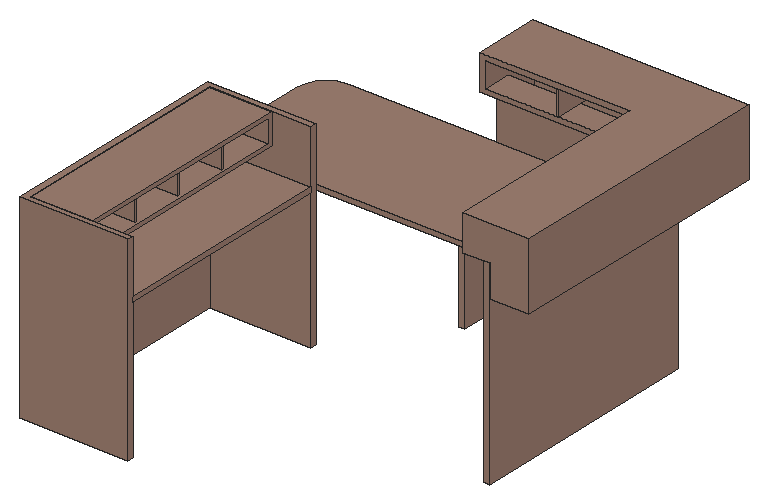
Revit family "T100130", category Furniture, Revit 2022
Family settings
  OmniClass Number = 23.40.20.00
  OmniClass Title = General Furniture and Specialties
  Work Plane-Based = No
  Always vertical = Yes
  Cut with Voids When Loaded = No
  Render Appearance Source = Family Geometry
  Shared = No
  Room Calculation Point = No
Parameters
  Default Elevation = 0' - 0"
Reference planes (in)
  plane 1 "Center Front/Back": y = 0
  plane 2: z = 0
  plane 3 "Center Left/Right": x = 0
Dimensions and locks (in)
  aligned and locked: level to plane 2
Nested families (in)
  nested 1: "OFS ELEMENT OPEN L DESK TRANSACTION BOX 72in Width 48in Return" at (0, 18, 0), type "ELEMENT OPEN L DESK LEFT WITH TRANSACTION BOX 72in Width 48in Return"
    with Right Desk Overlay Option no, Left Desk Overlay Option no, Desk Overlay Option no
Definition of nested family "OFS ELEMENT OPEN L DESK TRANSACTION BOX 72in Width 48in Return"
  Parameters (values of type "ELEMENT OPEN L DESK RIGHT WITH TRANSACTION BOX 72in Width 48in Return")
    Worksurface Material = none
    Worksurface Height = 2' - 5 1/2"
    Width = 6' - 0"
    URL = "http://www.ofsbrands.com/"
    Paper Organizer Material = none
    Table Depth = 1' - 1 1/2"
    Right Return Desk Option = yes
    Right Desk Overlay Option [instance] = and(Right Return Desk Option, Desk Overlay Option)  # yes
    Return Worksurface Width = 1' - 10"
    Paper Organizer Sep = 0' - 0 1/4"
    Paper Organizer Depth = 1' - 0 3/4"
    Paper Organizer Board Thickness = 0' - 0 3/4"
    Paper Organizer Clearance = 0' - 4 5/8"
    Model = "EL-B72RL48C"
    Manufacturer = "OFS"
    Left Return Desk Option = no
    Left Desk Overlay Option [instance] = and(Left Return Desk Option, Desk Overlay Option)  # no
    Lateral Board Thickness = 0' - 1 3/16"
    Height = 3' - 11 3/4"
    Groomet Material = none
    Desk Overlay Thickness = 0' - 0 1/8"
    Desk Overlay Option [instance] = yes
    Desk Overlay Material = none
    Desk Overlay = 0' - 6 1/2"
    Desk Height = 3' - 4 1/2"
    Description = "OFS BRANDS OFS ELEMENT OPEN L DESK RIGHT WITH TRANSACTION BOX,  80\"W x 56\"D DESK WITH OPEN END, 48\"W x 22\"D RETURN"
    Desk Depth = 3' - 2"
    Depth = 7' - 2"
    Default Elevation = 0' - 0"
    Copyright © = "© 2018 OFS BRANDS"
    Catalog = "http://ofs.com/products/casegoods/reception/element"
    Box Material = none
    Box L = 3' - 0"
    Box Depth = 0' - 8"
    Box D = 2' - 6"
    Bottom Board Offset = 0' - 0"
    Chassis Material = none
    Base Depth = 2' - 6"
    Back Board Thickness = 0' - 1 3/16"
    Authoring Version = "Autodesk Revit Architecture 2013"
    Assembly Code = "E2020200"
  Types (3): name | Right Return Desk Option | Right Desk Overlay Option | Model | Left Return Desk Option | Left Desk Overlay Option | Description
    (no name) | yes | yes | "EL-B72RL48C" | no | no | "OFS BRANDS OFS ELEMENT OPEN L DESK RIGHT WITH TRANSACTION BOX,  80\"W x 56\"D DESK WITH OPEN END, 48\"W x 22\"D RETURN"
    ELEMENT OPEN L DESK LEFT WITH TRANSACTION BOX 72in Width 48in Return | no | no | "EL-B72LL48C" | yes | yes | "OFS BRANDS OFS ELEMENT OPEN L DESK LEFT WITH TRANSACTION BOX,  80\"W x 56\"D DESK WITH OPEN END, 48\"W x 22\"D RETURN"
    ELEMENT OPEN L DESK RIGHT WITH TRANSACTION BOX 72in Width 48in Return | yes | yes | "EL-B72RL48C" | no | no | "OFS BRANDS OFS ELEMENT OPEN L DESK RIGHT WITH TRANSACTION BOX,  80\"W x 56\"D DESK WITH OPEN END, 48\"W x 22\"D RETURN"
  Reference planes (in)
    plane 1 "Center Front/Back": y = 0
    plane 2: z = 0
    plane 3 "Center Left/Right": x = 0
    plane 4 "Back External": y = 19
    plane 5 "Right External": x = 36
    plane 6 "Front External": y = -19
    plane 7 "Left External": x = -36
    plane 8 "Seat Height": z = 29.5
    plane 9 "Height": z = 47.75
    plane 10: x = 34.8125
    plane 11: x = -34.8125
    plane 12: y = 11
    plane 13: y = 9.8125
    plane 14: y = 5.5
    plane 15: z = 40.5
    plane 16: z = 28.5
    plane 17: z = 46.625
    plane 18: z = 0
    plane 19: x = 29.5
    plane 20: x = -29.5
    plane 21: z = 6.5
    plane 22: z = 34
    plane 23: y = 11.125
    plane 24: y = -67
    plane 25: x = -14
    plane 26: x = 14
    plane 27: y = -65.8125
    plane 28: x = -31
    plane 29: x = 31
    plane 30: x = 0
    plane 31: x = 44
    plane 32: x = -44
    plane 33: x = -30.5
    plane 34: x = 30.5
    plane 35: x = 0
    plane 36: y = -37
    plane 37: y = -35.8125
    plane 38: x = 42.8125
    plane 39: x = -42.8125
    plane 40: x = 1.1875
    plane 41: x = -1.1875
    plane 42: z = 41.625
    plane 43: y = 17.8125
    plane 44: y = -8.27083
    plane 45: y = -22.04167
    plane 46: x = 15.84375
    plane 47: x = -15.84375
    plane 48: y = -20.1875
    plane 49: y = -65.0625
    plane 50: y = -20.9375
    plane 51: x = -22.0625
    plane 52: x = -22.8125
    plane 53: z = 39.75
    plane 54: z = 34.125
    plane 55: z = 34.875
    plane 56: x = 15.96875
    plane 57: x = 15.71875
    plane 58: x = -15.71875
    plane 59: x = -15.96875
    plane 60: y = -31.96875
    plane 61: y = -43
    plane 62: y = -32.09375
    plane 63: y = -31.84375
    plane 64: y = -43.125
    plane 65: y = -42.875
    plane 66: x = 22.0625
    plane 67: x = 22.8125
    plane 68: y = -54.03125
    plane 69: y = -54.15625
    plane 70: y = -53.90625
    plane 71: x = 6.5
    plane 72: x = -6.5
  Forms (in)
    Extrusion 1, solid, material <- "Worksurface Material", visible <- "Left Return Desk Option"
      sketch origin (0, 0, 0) x (1, 0, 0) y (0, 1, 0)
        loop
          arc (-30, 9.8125) -> (-34.24264, 8.05514) -> (-36, 3.8125) r 6
          line (-36, 3.8125) -> (-36, -19) -> (34.8125, -19) -> (34.8125, 9.8125) -> (-30, 9.8125)
      from 28.5 to 29.5
    Extrusion 2, solid, material <- "Box Material", visible <- "Left Return Desk Option"
      sketch origin (0, 0, 0) x (1, 0, 0) y (0, 1, 0)
        loop
          line (0, 9.8125) -> (34.8125, 9.8125) -> (34.8125, -37) -> (36, -37) -> (36, 11) -> (0, 11) -> (0, 9.8125)
      from 0 to 40.5
    Extrusion 3, solid, material <- "Box Material", visible <- "Left Return Desk Option"
      sketch origin (0, 0, 6) x (1, 0, 0) y (0, 1, 0)
        loop
          line (0, 19) -> (0, 5.5) -> (30.5, 5.5) -> (30.5, -37) -> (44, -37) -> (44, 19) -> (0, 19)
      from 40.625 to 41.75
    Extrusion 4, solid, material <- "Desk Overlay Material", visible <- "Right Desk Overlay Option"
      sketch origin (0, 0, 0) x (1, 0, 0) y (0, 0, 1)
        loop
          line (-6.5, 34) -> (-29.5, 34) -> (-29.5, 6.5) -> (-6.5, 6.5) -> (-6.5, 34)
      from -11.125 to -11
    Extrusion 5, solid, material <- "Box Material", visible <- "Left Return Desk Option"
      sketch origin (0, 0, 0) x (1, 0, 0) y (0, 1, 0)
        loop
          line (-36, -19) -> (-36, -67) -> (-14, -67) -> (-14, -65.8125) -> (-34.8125, -65.8125) -> (-34.8125, -19) -> (-36, -19)
      from 0 to 40.5
    Extrusion 6, solid, material <- "Worksurface Material", visible <- "Left Return Desk Option"
      sketch origin (14.83926, -32.43958, 0) x (1, 0, 0) y (0, 1, 0)
        loop
          line (-49.65176, 12.25208) -> (-49.65176, -33.37292) -> (-28.83926, -33.37292) -> (-28.83926, 12.25208) -> (-49.65176, 12.25208)
      from 28.5 to 29.5
    Extrusion 7, solid, material <- "Box Material", visible <- "Right Return Desk Option"
      sketch origin (0, 0, 0) x (-1, 0, 0) y (0, -1, 0)
        loop
          line (-36, 19) -> (-34.8125, 19) -> (-34.8125, 65.8125) -> (-14, 65.8125) -> (-14, 67) -> (-36, 67) -> (-36, 19)
      from 0 to 40.5
    Extrusion 8, solid, material <- "Worksurface Material", visible <- "Right Return Desk Option"
      sketch origin (-14.83926, -32.43958, 0) x (-1, 0, 0) y (0, -1, 0)
        loop
          line (-49.65176, -12.25208) -> (-28.83926, -12.25208) -> (-28.83926, 33.37292) -> (-49.65176, 33.37292) -> (-49.65176, -12.25208)
      from 28.5 to 29.5
    Extrusion 9, solid, material <- "Box Material", visible <- "Right Return Desk Option"
      sketch origin (0, 0, 6) x (-1, 0, 0) y (0, -1, 0)
        loop
          line (0, -19) -> (44, -19) -> (44, 37) -> (30.5, 37) -> (30.5, -5.5) -> (0, -5.5) -> (0, -19)
      from 40.625 to 41.75
    Extrusion 10, solid, material <- "Box Material", visible <- "Right Return Desk Option"
      sketch origin (22, -38, 6) x (-1, 0, 0) y (0, -1, 0)
        loop
          line (22, -49) -> (58, -49) -> (58, -1) -> (52.5, -1) -> (52.5, -43.5) -> (22, -43.5) -> (22, -49)
      from 34.5 to 35.625
    Extrusion 11, solid, material <- "Box Material", visible <- "Left Return Desk Option"
      sketch origin (-22, -38, 6) x (1, 0, 0) y (0, 1, 0)
        loop
          line (22, 49) -> (22, 43.5) -> (52.5, 43.5) -> (52.5, 1) -> (58, 1) -> (58, 49) -> (22, 49)
      from 34.5 to 35.625
    Extrusion 12, solid, material <- "Box Material", visible <- "Left Return Desk Option"
      sketch origin (0, 0, 0) x (1, 0, 0) y (0, 1, 0)
        loop
          line (0, 19) -> (0, 17.8125) -> (42.8125, 17.8125) -> (42.8125, -37) -> (44, -37) -> (44, 19) -> (0, 19)
      from 34 to 47.75
    Extrusion 13, solid, material <- "Box Material", visible <- "Right Return Desk Option"
      sketch origin (0, 0, 0) x (-1, 0, 0) y (0, -1, 0)
        loop
          line (0, -19) -> (44, -19) -> (44, 37) -> (42.8125, 37) -> (42.8125, -17.8125) -> (0, -17.8125) -> (0, -19)
      from 34 to 47.75
    Extrusion 14, solid, material <- "Box Material", visible <- "Right Return Desk Option"
      sketch origin (0, 0, 0) x (1, 0, 0) y (0, 0, 1)
        loop
          line (-42.8125, 46.625) -> (-42.8125, 34) -> (-36, 34) -> (-36, 41.625) -> (-30.5, 41.625) -> (-30.5, 46.625) -> (-42.8125, 46.625)
      from 35.8125 to 37
    Extrusion 15, solid, material <- "Box Material", visible <- "Left Return Desk Option"
      sketch origin (0, 0, 0) x (-1, 0, 0) y (0, 0, -1)
        loop
          line (-42.8125, -46.625) -> (-30.5, -46.625) -> (-30.5, -41.625) -> (-36, -41.625) -> (-36, -34) -> (-42.8125, -34) -> (-42.8125, -46.625)
      from 35.8125 to 37
    Extrusion 16, solid, material <- "Box Material", visible <- "Left Return Desk Option"
      sketch origin (0, 5.66667, 0) x (1, 0, 0) y (0, 1, 0)
        loop
          line (30.5, -13.8125) -> (30.5, -14.0625) -> (42.8125, -14.0625) -> (42.8125, -13.8125) -> (30.5, -13.8125)
      from 41.625 to 46.625
    Extrusion 17, solid, material <- "Box Material", visible <- "Left Return Desk Option"
      sketch origin (0, -6.66667, 0) x (1, 0, 0) y (0, 1, 0)
        loop
          line (30.5, -15.25) -> (30.5, -15.5) -> (42.8125, -15.5) -> (42.8125, -15.25) -> (30.5, -15.25)
      from 41.625 to 46.625
    Extrusion 18, solid, material <- "Box Material", visible <- "Right Return Desk Option"
      sketch origin (0, 5.66667, 0) x (-1, 0, 0) y (0, -1, 0)
        loop
          line (30.5, 13.8125) -> (42.8125, 13.8125) -> (42.8125, 14.0625) -> (30.5, 14.0625) -> (30.5, 13.8125)
      from 41.625 to 46.625
    Extrusion 19, solid, material <- "Box Material", visible <- "Right Return Desk Option"
      sketch origin (0, -6.66667, 0) x (-1, 0, 0) y (0, -1, 0)
        loop
          line (30.5, 15.25) -> (42.8125, 15.25) -> (42.8125, 15.5) -> (30.5, 15.5) -> (30.5, 15.25)
      from 41.625 to 46.625
    Extrusion 20, solid, material <- "Box Material", visible <- "Left Return Desk Option"
      sketch origin (-14.60586, -1.66375, 0) x (1, 0, 0) y (0, 1, 0)
        loop
          line (30.32461, 19.47625) -> (30.32461, 7.16375) -> (30.57461, 7.16375) -> (30.57461, 19.47625) -> (30.32461, 19.47625)
      from 41.625 to 46.625
    Extrusion 21, solid, material <- "Box Material", visible <- "Right Return Desk Option"
      sketch origin (14.60586, -1.66375, 0) x (-1, 0, 0) y (0, -1, 0)
        loop
          line (30.32461, -19.47625) -> (30.57461, -19.47625) -> (30.57461, -7.16375) -> (30.32461, -7.16375) -> (30.32461, -19.47625)
      from 41.625 to 46.625
    Extrusion 22, solid, material <- "Box Material", visible <- "Left Return Desk Option"
      sketch origin (-3.41497, -1.91375, 0) x (-1, 0, 0) y (0, -1, 0)
        loop
          line (-4.60247, -19.72625) -> (-3.41497, -19.72625) -> (-3.41497, -7.41375) -> (-4.60247, -7.41375) -> (-4.60247, -19.72625)
      from 41.625 to 46.625
    Extrusion 23, solid, material <- "Box Material", visible <- "Right Return Desk Option"
      sketch origin (2.66497, -1.91375, 0) x (1, 0, 0) y (0, 1, 0)
        loop
          line (-3.85247, 19.72625) -> (-3.85247, 7.41375) -> (-2.66497, 7.41375) -> (-2.66497, 19.72625) -> (-3.85247, 19.72625)
      from 41.625 to 46.625
    Extrusion 24, solid, material <- "Box Material", visible <- "Left Return Desk Option"
      sketch origin (-3.41497, -1.91375, 0) x (-1, 0, 0) y (0, -1, 0)
        loop
          line (-4.60247, -19.72625) -> (-3.41497, -19.72625) -> (-3.41497, -12.91375) -> (-4.60247, -12.91375) -> (-4.60247, -19.72625)
      from 34 to 41.625
    Extrusion 25, solid, material <- "Box Material", visible <- "Right Return Desk Option"
      sketch origin (38.58503, -1.91375, 0) x (-1, 0, 0) y (0, -1, 0)
        loop
          line (38.58503, -19.72625) -> (39.77253, -19.72625) -> (39.77253, -12.91375) -> (38.58503, -12.91375) -> (38.58503, -19.72625)
      from 34 to 41.625
    Extrusion 26, solid, material <- "Box Material", visible <- "Left Return Desk Option"
      sketch origin (15.51391, 27.98783, 0) x (1, 0, 0) y (0, 1, 0)
        loop
          line (-51.51391, -48.17533) -> (-29.51391, -48.17533) -> (-29.51391, -46.98783) -> (-51.51391, -46.98783) -> (-51.51391, -48.17533)
      from 0 to 40.5
    Extrusion 27, solid, material <- "Box Material", visible <- "Right Return Desk Option"
      sketch origin (-15.51391, 27.98783, 0) x (-1, 0, 0) y (0, -1, 0)
        loop
          line (-51.51391, 48.17533) -> (-51.51391, 46.98783) -> (-29.51391, 46.98783) -> (-29.51391, 48.17533) -> (-51.51391, 48.17533)
      from 0 to 40.5
    Extrusion 28, solid, material <- "Box Material", visible <- "Right Return Desk Option"
      sketch origin (0, 0, 0) x (-1, 0, 0) y (0, -1, 0)
        loop
          line (0, -9.8125) -> (0, -11) -> (36, -11) -> (36, 37) -> (34.8125, 37) -> (34.8125, -9.8125) -> (0, -9.8125)
      from 0 to 40.5
    Extrusion 29, solid, material <- "Paper Organizer Material", visible <- "Left Return Desk Option"
      sketch origin (13.23993, -17.56998, 6) x (-1, 0, 0) y (0, -1, 0)
        loop
          line (35.30243, 2.61752) -> (48.05243, 2.61752) -> (48.05243, 48.24252) -> (35.30243, 48.24252) -> (35.30243, 2.61752)
      from 33.75 to 34.5
    Extrusion 30, solid, material <- "Paper Organizer Material", visible <- "Left Return Desk Option"
      sketch origin (13.23993, -17.56998, 6) x (-1, 0, 0) y (0, -1, 0)
        loop
          line (35.30243, 2.61752) -> (48.05243, 2.61752) -> (48.05243, 48.24252) -> (35.30243, 48.24252) -> (35.30243, 2.61752)
      from 28.125 to 28.875
    Extrusion 31, solid, material <- "Paper Organizer Material", visible <- "Left Return Desk Option"
      sketch origin (15.51391, 25.48783, 0) x (1, 0, 0) y (0, 1, 0)
        loop
          line (-50.32641, -46.42533) -> (-37.57641, -46.42533) -> (-37.57641, -45.67533) -> (-50.32641, -45.67533) -> (-50.32641, -46.42533)
      from 34.125 to 40.5
    Extrusion 32, solid, material <- "Paper Organizer Material", visible <- "Left Return Desk Option"
      sketch origin (15.51391, -78.72726, 0) x (1, 0, 0) y (0, 1, 0)
        loop
          line (-50.32641, 13.66476) -> (-50.32641, 12.91476) -> (-37.57641, 12.91476) -> (-37.57641, 13.66476) -> (-50.32641, 13.66476)
      from 34.125 to 40.5
    Extrusion 33, solid, material <- "Paper Organizer Material", visible <- "Left Return Desk Option"
      sketch origin (14.05948, -19.6973, 0) x (-1, 0, 0) y (0, -1, 0)
        loop
          line (36.87198, 12.14645) -> (48.87198, 12.14645) -> (48.87198, 12.39645) -> (36.87198, 12.39645) -> (36.87198, 12.14645)
      from 34.875 to 39.75
    Extrusion 34, solid, material <- "Paper Organizer Material", visible <- "Left Return Desk Option"
      sketch origin (16.30148, -31.23142, 0) x (-1, 0, 0) y (0, -1, 0)
        loop
          line (39.11398, 11.64358) -> (51.11398, 11.64358) -> (51.11398, 11.89358) -> (39.11398, 11.89358) -> (39.11398, 11.64358)
      from 34.875 to 39.75
    Extrusion 35, solid, material <- "Paper Organizer Material", visible <- "Right Return Desk Option"
      sketch origin (-14.05948, -19.6973, 0) x (1, 0, 0) y (0, 1, 0)
        loop
          line (36.87198, -12.14645) -> (36.87198, -12.39645) -> (48.87198, -12.39645) -> (48.87198, -12.14645) -> (36.87198, -12.14645)
      from 34.875 to 39.75
    Extrusion 36, solid, material <- "Paper Organizer Material", visible <- "Right Return Desk Option"
      sketch origin (-16.30148, -31.23142, 0) x (1, 0, 0) y (0, 1, 0)
        loop
          line (39.11398, -11.64358) -> (39.11398, -11.89358) -> (51.11398, -11.89358) -> (51.11398, -11.64358) -> (39.11398, -11.64358)
      from 34.875 to 39.75
    Extrusion 37, solid, material <- "Paper Organizer Material", visible <- "Right Return Desk Option"
      sketch origin (-13.23993, -17.56998, 6) x (1, 0, 0) y (0, 1, 0)
        loop
          line (35.30243, -2.61752) -> (35.30243, -48.24252) -> (48.05243, -48.24252) -> (48.05243, -2.61752) -> (35.30243, -2.61752)
      from 33.75 to 34.5
    Extrusion 38, solid, material <- "Paper Organizer Material", visible <- "Right Return Desk Option"
      sketch origin (-13.23993, -17.56998, 6) x (1, 0, 0) y (0, 1, 0)
        loop
          line (35.30243, -2.61752) -> (35.30243, -48.24252) -> (48.05243, -48.24252) -> (48.05243, -2.61752) -> (35.30243, -2.61752)
      from 28.125 to 28.875
    Extrusion 39, solid, material <- "Paper Organizer Material", visible <- "Right Return Desk Option"
      sketch origin (-15.51391, 25.48783, 0) x (-1, 0, 0) y (0, -1, 0)
        loop
          line (-50.32641, 46.42533) -> (-50.32641, 45.67533) -> (-37.57641, 45.67533) -> (-37.57641, 46.42533) -> (-50.32641, 46.42533)
      from 34.125 to 40.5
    Extrusion 40, solid, material <- "Paper Organizer Material", visible <- "Right Return Desk Option"
      sketch origin (-15.51391, -78.72726, 0) x (-1, 0, 0) y (0, -1, 0)
        loop
          line (-50.32641, -13.66476) -> (-37.57641, -13.66476) -> (-37.57641, -12.91476) -> (-50.32641, -12.91476) -> (-50.32641, -13.66476)
      from 34.125 to 40.5
    Extrusion 41, solid, material <- "Paper Organizer Material", visible <- "Left Return Desk Option"
      sketch origin (16.85954, -39.21194, 0) x (-1, 0, 0) y (0, -1, 0)
        loop
          line (39.67204, 14.69431) -> (51.67204, 14.69431) -> (51.67204, 14.94431) -> (39.67204, 14.94431) -> (39.67204, 14.69431)
      from 34.875 to 39.75
    Extrusion 42, solid, material <- "Paper Organizer Material", visible <- "Right Return Desk Option"
      sketch origin (-13.83676, -35.8669, 0) x (1, 0, 0) y (0, 1, 0)
        loop
          line (36.64926, -18.03935) -> (36.64926, -18.28935) -> (48.64926, -18.28935) -> (48.64926, -18.03935) -> (36.64926, -18.03935)
      from 34.875 to 39.75
    Extrusion 43, solid, material <- "Worksurface Material", visible <- "Right Return Desk Option"
      sketch origin (0, 0, 0) x (-1, 0, 0) y (0, -1, 0)
        loop
          line (-30, -9.8125) -> (34.8125, -9.8125) -> (34.8125, 19) -> (-36, 19) -> (-36, -3.8125)
          arc (-36, -3.8125) -> (-34.24264, -8.05514) -> (-30, -9.8125) r 6
      from 28.5 to 29.5
    Extrusion 44, solid, material <- "Box Material", visible <- "Left Return Desk Option"
      sketch origin (-3.41497, -1.91375, 0) x (-1, 0, 0) y (0, -1, 0)
        loop
          line (-4.60247, -11.72625) -> (-3.41497, -11.72625) -> (-3.41497, -1.91375) -> (-4.60247, -1.91375) -> (-4.60247, -11.72625)
      from 0 to 28.5
    Extrusion 45, solid, material <- "Box Material", visible <- "Right Return Desk Option"
      sketch origin (3.41497, -1.91375, 0) x (1, 0, 0) y (0, 1, 0)
        loop
          line (-4.60247, 11.72625) -> (-4.60247, 1.91375) -> (-3.41497, 1.91375) -> (-3.41497, 11.72625) -> (-4.60247, 11.72625)
      from 0 to 28.5
    Extrusion 46, solid, material <- "Desk Overlay Material", visible <- "Left Desk Overlay Option"
      sketch origin (0, 0, 0) x (-1, 0, 0) y (0, 0, -1)
        loop
          line (-6.5, -34) -> (-6.5, -6.5) -> (-29.5, -6.5) -> (-29.5, -34) -> (-6.5, -34)
      from -11.125 to -11
  Cuts and joins
    joined: Extrusion 9, Extrusion 10, Extrusion 13, Extrusion 14, Extrusion 23, Extrusion 25
    joined: Extrusion 3, Extrusion 11, Extrusion 12, Extrusion 15, Extrusion 22, Extrusion 24
    joined: Extrusion 5, Extrusion 26
    joined: Extrusion 7, Extrusion 27
    joined: Extrusion 29, Extrusion 30, Extrusion 31, Extrusion 32
    joined: Extrusion 37, Extrusion 38, Extrusion 39, Extrusion 40
  Dimensions and locks (in)
    equal spacing: plane 7 "Left External", plane 3 "Center Left/Right", plane 5 "Right External"
    "Width": plane 7 "Left External" to plane 5 "Right External"
    equal spacing: plane 6 "Front External", plane 1 "Center Front/Back", plane 4 "Back External"
    "Desk Depth": plane 4 "Back External" to plane 6 "Front External"
    "Worksurface Height": plane 8 "Seat Height" to level
    "Height": plane 9 "Height" to level
    "Lateral Board Thickness": plane 7 "Left External" to plane 11
    "Lateral Board Thickness": plane 10 to plane 5 "Right External"
    "Base Depth": plane 12 to plane 6 "Front External"
    "Back Board Thickness": plane 12 to plane 13
    "Table Depth": plane 4 "Back External" to plane 14
    "Desk Height": plane 15 to level
    "Bottom Board Offset": plane 18 to level
    "Desk Overlay": plane 5 "Right External" to plane 19
    "Desk Overlay": plane 20 to plane 7 "Left External"
    plane 20 to plane 19 = 4' - 11"
    "Desk Overlay": plane 22 to plane 15
    "Desk Overlay": plane 18 to plane 21
    "Desk Overlay Thickness": plane 23 to plane 12
    "Depth": plane 4 "Back External" to plane 24
    "Return Worksurface Width": plane 7 "Left External" to plane 25
    "Return Worksurface Width": plane 26 to plane 5 "Right External"
    "Back Board Thickness": plane 27 to plane 24
    locked: plane 7 "Left External" to plane 28 at 5
    locked: plane 29 to plane 5 "Right External" at 5
    locked: plane 9 "Height" to plane 17 at 1.125
    locked: plane 8 "Seat Height" to plane 16 at 1
    "Box Depth": plane 5 "Right External" to plane 31
    "Box Depth": plane 7 "Left External" to plane 32
    "Table Depth": plane 32 to plane 33
    "Table Depth": plane 31 to plane 34
    "Box L": plane 7 "Left External" to plane 30
    "Box L": plane 5 "Right External" to plane 35
    "Box D": plane 36 to plane 24
    "Back Board Thickness": plane 37 to plane 36
    "Back Board Thickness": plane 38 to plane 31
    "Back Board Thickness": plane 39 to plane 32
    "Back Board Thickness": plane 30 to plane 40
    "Back Board Thickness": plane 41 to plane 35
    locked: plane 42 to plane 15 at 1.125
    "Back Board Thickness": plane 4 "Back External" to plane 43
    equal spacing: plane 14, plane 44, plane 45, plane 37
    equal spacing: plane 40, plane 46, plane 34
    equal spacing: plane 41, plane 47, plane 33
    "Back Board Thickness": plane 6 "Front External" to plane 48
    "Paper Organizer Board Thickness": plane 49 to plane 27
    "Paper Organizer Board Thickness": plane 48 to plane 50
    "Paper Organizer Depth": plane 11 to plane 51
    "Paper Organizer Board Thickness": plane 52 to plane 51
    "Paper Organizer Board Thickness": plane 15 to plane 53
    "Paper Organizer Clearance": plane 54 to plane 8 "Seat Height"
    "Paper Organizer Board Thickness": plane 55 to plane 54
    equal spacing: plane 57, plane 46, plane 56
    "Paper Organizer Sep": plane 57 to plane 56
    equal spacing: plane 59, plane 47, plane 58
    "Paper Organizer Sep": plane 59 to plane 58
    equal spacing: plane 50, plane 60, plane 61, plane 68, plane 49
    equal spacing: plane 63, plane 60, plane 62
    "Paper Organizer Sep": plane 62 to plane 63
    equal spacing: plane 65, plane 61, plane 64
    "Paper Organizer Sep": plane 64 to plane 65
    "Paper Organizer Board Thickness": plane 67 to plane 66
    "Paper Organizer Depth": plane 66 to plane 10
    equal spacing: plane 70, plane 68, plane 69
    "Paper Organizer Sep": plane 69 to plane 70
    "Desk Overlay": plane 30 to plane 71
    "Desk Overlay": plane 72 to plane 35
    aligned and locked: level to plane 2
    aligned and locked: Extrusion 1 sketch curve to plane 13
    aligned and locked: plane 6 "Front External" to Extrusion 1 sketch curve
    aligned and locked: Extrusion 1 sketch curve to plane 10
    aligned and locked: plane 12 to Extrusion 2 sketch curve
    aligned and locked: plane 5 "Right External" to Extrusion 2 sketch curve
    aligned and locked: Extrusion 2 sketch curve to plane 13
    aligned and locked: Extrusion 3 to plane 14
    aligned and locked: Extrusion 3 to plane 4 "Back External"
    aligned and locked: Extrusion 3 to plane 9 "Height"
    aligned and locked: Extrusion 3 to plane 17
    aligned and locked: plane 22 to Extrusion 4 sketch curve
    aligned and locked: Extrusion 4 sketch curve to plane 21
    aligned and locked: Extrusion 4 sketch curve to plane 20
    aligned and locked: Extrusion 5 sketch curve to plane 27
    aligned and locked: plane 25 to Extrusion 5 sketch curve
    aligned and locked: plane 24 to Extrusion 5 sketch curve
    aligned and locked: Extrusion 5 sketch curve to plane 6 "Front External"
    aligned and locked: plane 11 to Extrusion 6
    aligned and locked: Extrusion 6 to plane 25
    aligned and locked: Extrusion 6 to plane 27
    aligned and locked: Extrusion 8 to plane 26
    aligned and locked: plane 10 to Extrusion 8
    aligned and locked: Extrusion 8 to plane 27
    aligned and locked: plane 6 "Front External" to Extrusion 7
    aligned and locked: Extrusion 7 to plane 10
    aligned and locked: plane 5 "Right External" to Extrusion 7
    aligned and locked: plane 27 to Extrusion 7
    aligned and locked: Extrusion 7 to plane 24
    aligned and locked: Extrusion 5 to plane 18
    aligned and locked: Extrusion 7 to plane 18
    aligned and locked: plane 15 to Extrusion 7
    aligned and locked: plane 15 to Extrusion 5
    aligned and locked: plane 31 to Extrusion 3 sketch curve
    aligned and locked: plane 34 to Extrusion 3 sketch curve
    aligned and locked: plane 36 to Extrusion 3 sketch curve
    aligned and locked: Extrusion 3 sketch curve to plane 30
    aligned and locked: plane 9 "Height" to Extrusion 9
    aligned and locked: Extrusion 9 to plane 17
    aligned and locked: Extrusion 6 to plane 16
    aligned and locked: plane 8 "Seat Height" to Extrusion 6
    aligned and locked: Extrusion 8 to plane 16
    aligned and locked: plane 8 "Seat Height" to Extrusion 8
    aligned and locked: Extrusion 10 to plane 7 "Left External"
    aligned and locked: Extrusion 10 to plane 33
    aligned and locked: Extrusion 10 to plane 14
    aligned and locked: Extrusion 10 to plane 35
    aligned and locked: Extrusion 10 to plane 36
    aligned and locked: Extrusion 10 to plane 15
    aligned and locked: plane 42 to Extrusion 10
    aligned and locked: Extrusion 11 to plane 15
    aligned and locked: plane 42 to Extrusion 11
    aligned and locked: plane 36 to Extrusion 12 sketch curve
    aligned and locked: plane 31 to Extrusion 12 sketch curve
    aligned and locked: Extrusion 12 sketch curve to plane 38
    aligned and locked: plane 9 "Height" to Extrusion 13
    aligned and locked: Extrusion 13 to plane 35
    aligned and locked: Extrusion 12 to plane 30
    aligned and locked: plane 39 to Extrusion 14 sketch curve
    aligned and locked: Extrusion 14 sketch curve to plane 17
    aligned and locked: plane 42 to Extrusion 14 sketch curve
    aligned and locked: Extrusion 14 sketch curve to plane 7 "Left External"
    aligned and locked: Extrusion 14 to plane 33
    aligned and locked: plane 37 to Extrusion 14
    aligned and locked: Extrusion 14 to plane 36
    aligned and locked: Extrusion 15 to plane 36
    aligned and locked: plane 37 to Extrusion 15
    aligned and locked: Extrusion 12 to plane 9 "Height"
    aligned and locked: plane 22 to Extrusion 15
    aligned and locked: Extrusion 12 to plane 22
    aligned and locked: Extrusion 14 to plane 22
    aligned and locked: Extrusion 13 to plane 22
    aligned and locked: Extrusion 16 to plane 34
    aligned and locked: Extrusion 17 to plane 34
    aligned and locked: Extrusion 17 to plane 17
    aligned and locked: Extrusion 16 to plane 17
    aligned and locked: Extrusion 17 to plane 42
    aligned and locked: Extrusion 16 to plane 42
    aligned and locked: Extrusion 17 to plane 38
    aligned and locked: Extrusion 16 to plane 38
    aligned and locked: Extrusion 9 to plane 36
    aligned and locked: Extrusion 13 to plane 36
    aligned and locked: Extrusion 11 to plane 36
    aligned and locked: plane 5 "Right External" to Extrusion 11
    aligned and locked: Extrusion 11 to plane 30
    aligned and locked: Extrusion 9 to plane 35
    aligned and locked: Extrusion 13 to plane 43
    aligned and locked: Extrusion 12 to plane 43
    aligned and locked: plane 17 to Extrusion 19
    aligned and locked: plane 17 to Extrusion 18
    aligned and locked: Extrusion 19 to plane 42
    aligned and locked: Extrusion 18 to plane 42
    aligned and locked: Extrusion 19 to plane 39
    aligned and locked: Extrusion 19 to plane 33
    aligned and locked: Extrusion 18 to plane 39
    aligned and locked: Extrusion 18 to plane 33
    aligned and locked: plane 12 to Extrusion 11
    aligned and locked: plane 12 to Extrusion 10
    aligned and locked: Extrusion 21 to plane 14
    aligned and locked: Extrusion 20 to plane 14
    aligned and locked: plane 43 to Extrusion 20
    aligned and locked: plane 43 to Extrusion 21
    aligned and locked: plane 17 to Extrusion 20
    aligned and locked: plane 17 to Extrusion 21
    aligned and locked: Extrusion 20 to plane 42
    aligned and locked: Extrusion 21 to plane 42
    aligned and locked: Extrusion 22 to plane 30
    aligned and locked: plane 40 to Extrusion 22
    aligned and locked: Extrusion 23 to plane 35
    aligned and locked: plane 41 to Extrusion 23
    aligned and locked: plane 43 to Extrusion 22
    aligned and locked: plane 43 to Extrusion 23
    aligned and locked: Extrusion 22 to plane 14
    aligned and locked: Extrusion 23 to plane 14
    aligned and locked: plane 17 to Extrusion 22
    aligned and locked: plane 17 to Extrusion 23
    aligned and locked: Extrusion 22 to plane 42
    aligned and locked: Extrusion 23 to plane 42
    aligned and locked: Extrusion 24 to plane 22
    aligned and locked: Extrusion 24 to plane 12
    aligned and locked: plane 43 to Extrusion 24
    aligned and locked: Extrusion 24 to plane 30
    aligned and locked: plane 42 to Extrusion 24
    aligned and locked: Extrusion 25 to plane 35
    aligned and locked: plane 41 to Extrusion 25
    aligned and locked: plane 42 to Extrusion 25
    aligned and locked: Extrusion 25 to plane 22
    aligned and locked: plane 43 to Extrusion 25
    aligned and locked: Extrusion 25 to plane 12
    aligned and locked: plane 48 to Extrusion 6
    aligned and locked: plane 48 to Extrusion 8
    aligned and locked: Extrusion 26 sketch curve to plane 6 "Front External"
    aligned and locked: plane 48 to Extrusion 26 sketch curve
    aligned and locked: plane 7 "Left External" to Extrusion 26 sketch curve
    aligned and locked: Extrusion 26 sketch curve to plane 25
    aligned and locked: plane 30 to Extrusion 2 sketch curve
    aligned and locked: Extrusion 2 to plane 36
    aligned and locked: Extrusion 28 to plane 36
    aligned and locked: plane 11 to Extrusion 29 sketch curve
    aligned and locked: Extrusion 29 sketch curve to plane 27
    aligned and locked: Extrusion 29 sketch curve to plane 51
    aligned and locked: plane 48 to Extrusion 29 sketch curve
    aligned and locked: Extrusion 29 to plane 53
    aligned and locked: plane 15 to Extrusion 29
    aligned and locked: plane 55 to Extrusion 30
    aligned and locked: Extrusion 30 to plane 54
    aligned and locked: plane 48 to Extrusion 31
    aligned and locked: Extrusion 31 to plane 50
    aligned and locked: Extrusion 31 to plane 51
    aligned and locked: Extrusion 32 to plane 51
    aligned and locked: Extrusion 32 to plane 27
    aligned and locked: plane 49 to Extrusion 32
    aligned and locked: Extrusion 32 to plane 54
    aligned and locked: Extrusion 31 to plane 54
    aligned and locked: plane 15 to Extrusion 32
    aligned and locked: plane 15 to Extrusion 31
    aligned and locked: plane 11 to Extrusion 32
    aligned and locked: plane 11 to Extrusion 31
    aligned and locked: Extrusion 20 to plane 56
    aligned and locked: plane 57 to Extrusion 20
    aligned and locked: Extrusion 21 to plane 58
    aligned and locked: Extrusion 21 to plane 59
    aligned and locked: plane 11 to Extrusion 33
    aligned and locked: Extrusion 33 to plane 52
    aligned and locked: Extrusion 33 to plane 62
    aligned and locked: Extrusion 33 to plane 63
    aligned and locked: plane 53 to Extrusion 33
    aligned and locked: plane 11 to Extrusion 34
    aligned and locked: Extrusion 34 to plane 52
    aligned and locked: Extrusion 34 to plane 64
    aligned and locked: Extrusion 34 to plane 65
    aligned and locked: plane 11 to Extrusion 41
    aligned and locked: Extrusion 41 to plane 52
    aligned and locked: Extrusion 41 to plane 69
    aligned and locked: Extrusion 41 to plane 70
    aligned and locked: Extrusion 42 to plane 69
    aligned and locked: Extrusion 42 to plane 70
    aligned and locked: Extrusion 42 to plane 67
    aligned and locked: plane 10 to Extrusion 42
    aligned and locked: Extrusion 1 to plane 7 "Left External"
    aligned and locked: plane 40 to Extrusion 44
    aligned and locked: Extrusion 44 to plane 30
    aligned and locked: plane 1 "Center Front/Back" to Extrusion 44
    aligned and locked: plane 13 to Extrusion 44
    aligned and locked: Extrusion 45 to plane 35
    aligned and locked: plane 41 to Extrusion 45
    aligned and locked: plane 1 "Center Front/Back" to Extrusion 45
    aligned and locked: plane 13 to Extrusion 45
    aligned and locked: plane 16 to Extrusion 44
    aligned and locked: plane 16 to Extrusion 45
    aligned and locked: Extrusion 44 to plane 18
    aligned and locked: Extrusion 45 to plane 18
    aligned and locked: Extrusion 4 to plane 72
    aligned and locked: Extrusion 46 to plane 71
    aligned and locked: Extrusion 46 to plane 19
  Automatic sketch dimensions
    Extrusion 1 sketch curve to plane 7 "Left External" = 0' - 0"
    Extrusion 1 sketch curve to plane 14 = 0' - 1 11/16"
    Extrusion 2 sketch curve to plane 10 = 0' - 0"
    Extrusion 2 sketch curve to plane 36 = 0' - 0"
    Extrusion 3 sketch curve to plane 14 = 0' - 0"
    plane 4 "Back External" to Extrusion 3 sketch curve = 0' - 0"
    plane 72 to Extrusion 4 sketch curve = 0' - 0"
    Extrusion 5 sketch curve to plane 7 "Left External" = 0' - 0"
    Extrusion 5 sketch curve to plane 11 = 0' - 0"
    Extrusion 6 sketch curve to plane 11 = 0' - 0"
    Extrusion 6 sketch curve to plane 25 = 0' - 0"
    Extrusion 6 sketch curve to plane 27 = 0' - 0"
    Extrusion 6 sketch curve to plane 48 = 0' - 0"
    Extrusion 7 sketch curve to plane 5 "Right External" = 0' - 0"
    Extrusion 7 sketch curve to plane 10 = 0' - 0"
    Extrusion 7 sketch curve to plane 26 = 0' - 0"
    Extrusion 7 sketch curve to plane 24 = 0' - 0"
    Extrusion 7 sketch curve to plane 27 = 0' - 0"
    Extrusion 7 sketch curve to plane 6 "Front External" = 0' - 0"
    Extrusion 8 sketch curve to plane 10 = 0' - 0"
    Extrusion 8 sketch curve to plane 26 = 0' - 0"
    Extrusion 8 sketch curve to plane 27 = 0' - 0"
    Extrusion 8 sketch curve to plane 48 = 0' - 0"
    Extrusion 9 sketch curve to plane 3 "Center Left/Right" = 0' - 0"
    Extrusion 9 sketch curve to plane 33 = 0' - 0"
    Extrusion 9 sketch curve to plane 32 = 0' - 0"
    Extrusion 9 sketch curve to plane 4 "Back External" = 0' - 0"
    Extrusion 9 sketch curve to plane 14 = 0' - 0"
    Extrusion 9 sketch curve to plane 36 = 0' - 0"
    Extrusion 10 sketch curve to plane 3 "Center Left/Right" = 0' - 0"
    Extrusion 10 sketch curve to plane 33 = 0' - 0"
    Extrusion 10 sketch curve to plane 7 "Left External" = 0' - 0"
    Extrusion 10 sketch curve to plane 12 = 0' - 0"
    Extrusion 10 sketch curve to plane 14 = 0' - 0"
    Extrusion 10 sketch curve to plane 36 = 0' - 0"
    Extrusion 11 sketch curve to plane 3 "Center Left/Right" = 0' - 0"
    Extrusion 11 sketch curve to plane 34 = 0' - 0"
    Extrusion 11 sketch curve to plane 5 "Right External" = 0' - 0"
    Extrusion 11 sketch curve to plane 36 = 0' - 0"
    Extrusion 11 sketch curve to plane 14 = 0' - 0"
    Extrusion 11 sketch curve to plane 12 = 0' - 0"
    Extrusion 12 sketch curve to plane 3 "Center Left/Right" = 0' - 0"
    plane 43 to Extrusion 12 sketch curve = 0' - 0"
    plane 4 "Back External" to Extrusion 12 sketch curve = 0' - 0"
    Extrusion 13 sketch curve to plane 3 "Center Left/Right" = 0' - 0"
    Extrusion 13 sketch curve to plane 36 = 0' - 0"
    Extrusion 13 sketch curve to plane 39 = 0' - 0"
    Extrusion 13 sketch curve to plane 4 "Back External" = 0' - 0"
    Extrusion 13 sketch curve to plane 32 = 0' - 0"
    Extrusion 13 sketch curve to plane 43 = 0' - 0"
    plane 33 to Extrusion 14 sketch curve = 0' - 0"
    Extrusion 14 sketch curve to plane 22 = 0' - 0"
    Extrusion 15 sketch curve to plane 17 = 0' - 0"
    plane 38 to Extrusion 15 sketch curve = 0' - 0"
    Extrusion 15 sketch curve to plane 5 "Right External" = 0' - 0"
    Extrusion 15 sketch curve to plane 34 = 0' - 0"
    Extrusion 15 sketch curve to plane 22 = 0' - 0"
    Extrusion 15 sketch curve to plane 42 = 0' - 0"
    Extrusion 16 sketch curve to plane 34 = 0' - 0"
    Extrusion 16 sketch curve to plane 38 = 0' - 0"
    Extrusion 16 sketch curve to plane 44 = 0' - 0 1/8"
    plane 44 to Extrusion 16 sketch curve = 0' - 0 1/8"
    Extrusion 17 sketch curve to plane 34 = 0' - 0"
    Extrusion 17 sketch curve to plane 38 = 0' - 0"
    Extrusion 17 sketch curve to plane 45 = 0' - 0 1/8"
    plane 45 to Extrusion 17 sketch curve = 0' - 0 1/8"
    Extrusion 18 sketch curve to plane 33 = 0' - 0"
    Extrusion 18 sketch curve to plane 39 = 0' - 0"
    plane 44 to Extrusion 18 sketch curve = 0' - 0 1/8"
    Extrusion 18 sketch curve to plane 44 = 0' - 0 1/8"
    Extrusion 19 sketch curve to plane 33 = 0' - 0"
    Extrusion 19 sketch curve to plane 39 = 0' - 0"
    plane 45 to Extrusion 19 sketch curve = 0' - 0 1/8"
    Extrusion 19 sketch curve to plane 45 = 0' - 0 1/8"
    Extrusion 20 sketch curve to plane 14 = 0' - 0"
    Extrusion 20 sketch curve to plane 57 = 0' - 0"
    Extrusion 20 sketch curve to plane 56 = 0' - 0"
    Extrusion 20 sketch curve to plane 43 = 0' - 0"
    Extrusion 21 sketch curve to plane 14 = 0' - 0"
    Extrusion 21 sketch curve to plane 58 = 0' - 0"
    Extrusion 21 sketch curve to plane 59 = 0' - 0"
    Extrusion 21 sketch curve to plane 43 = 0' - 0"
    Extrusion 22 sketch curve to plane 14 = 0' - 0"
    Extrusion 22 sketch curve to plane 40 = 0' - 0"
    Extrusion 22 sketch curve to plane 3 "Center Left/Right" = 0' - 0"
    Extrusion 22 sketch curve to plane 43 = 0' - 0"
    Extrusion 23 sketch curve to plane 14 = 0' - 0"
    Extrusion 23 sketch curve to plane 41 = 0' - 0"
    Extrusion 23 sketch curve to plane 3 "Center Left/Right" = 0' - 0"
    Extrusion 23 sketch curve to plane 43 = 0' - 0"
    Extrusion 24 sketch curve to plane 12 = 0' - 0"
    Extrusion 24 sketch curve to plane 40 = 0' - 0"
    Extrusion 24 sketch curve to plane 3 "Center Left/Right" = 0' - 0"
    Extrusion 24 sketch curve to plane 43 = 0' - 0"
    Extrusion 25 sketch curve to plane 3 "Center Left/Right" = 0' - 0"
    Extrusion 25 sketch curve to plane 12 = 0' - 0"
    Extrusion 25 sketch curve to plane 41 = 0' - 0"
    Extrusion 25 sketch curve to plane 43 = 0' - 0"
    Extrusion 27 sketch curve to plane 5 "Right External" = 0' - 0"
    Extrusion 27 sketch curve to plane 26 = 0' - 0"
    Extrusion 27 sketch curve to plane 48 = 0' - 0"
    Extrusion 27 sketch curve to plane 6 "Front External" = 0' - 0"
    Extrusion 28 sketch curve to plane 3 "Center Left/Right" = 0' - 0"
    Extrusion 28 sketch curve to plane 11 = 0' - 0"
    Extrusion 28 sketch curve to plane 7 "Left External" = 0' - 0"
    Extrusion 28 sketch curve to plane 36 = 0' - 0"
    Extrusion 28 sketch curve to plane 13 = 0' - 0"
    Extrusion 28 sketch curve to plane 12 = 0' - 0"
    Extrusion 30 sketch curve to plane 27 = 0' - 0"
    Extrusion 30 sketch curve to plane 51 = 0' - 0"
    Extrusion 30 sketch curve to plane 11 = 0' - 0"
    Extrusion 30 sketch curve to plane 48 = 0' - 0"
    Extrusion 31 sketch curve to plane 11 = 0' - 0"
    Extrusion 31 sketch curve to plane 50 = 0' - 0"
    Extrusion 31 sketch curve to plane 51 = 0' - 0"
    Extrusion 31 sketch curve to plane 48 = 0' - 0"
    Extrusion 32 sketch curve to plane 11 = 0' - 0"
    Extrusion 32 sketch curve to plane 49 = 0' - 0"
    Extrusion 32 sketch curve to plane 51 = 0' - 0"
    Extrusion 32 sketch curve to plane 27 = 0' - 0"
    Extrusion 33 sketch curve to plane 52 = 0' - 0"
    Extrusion 33 sketch curve to plane 11 = 0' - 0"
    Extrusion 33 sketch curve to plane 62 = 0' - 0"
    plane 63 to Extrusion 33 sketch curve = 0' - 0"
    Extrusion 34 sketch curve to plane 52 = 0' - 0"
    Extrusion 34 sketch curve to plane 11 = 0' - 0"
    Extrusion 34 sketch curve to plane 64 = 0' - 0"
    plane 65 to Extrusion 34 sketch curve = 0' - 0"
    Extrusion 35 sketch curve to plane 62 = 0' - 0"
    Extrusion 35 sketch curve to plane 67 = 0' - 0"
    Extrusion 35 sketch curve to plane 10 = 0' - 0"
    plane 63 to Extrusion 35 sketch curve = 0' - 0"
    Extrusion 36 sketch curve to plane 64 = 0' - 0"
    Extrusion 36 sketch curve to plane 67 = 0' - 0"
    Extrusion 36 sketch curve to plane 10 = 0' - 0"
    plane 65 to Extrusion 36 sketch curve = 0' - 0"
    Extrusion 37 sketch curve to plane 27 = 0' - 0"
    Extrusion 37 sketch curve to plane 66 = 0' - 0"
    Extrusion 37 sketch curve to plane 10 = 0' - 0"
    Extrusion 37 sketch curve to plane 48 = 0' - 0"
    Extrusion 38 sketch curve to plane 27 = 0' - 0"
    Extrusion 38 sketch curve to plane 66 = 0' - 0"
    Extrusion 38 sketch curve to plane 10 = 0' - 0"
    Extrusion 38 sketch curve to plane 48 = 0' - 0"
    Extrusion 39 sketch curve to plane 10 = 0' - 0"
    Extrusion 39 sketch curve to plane 50 = 0' - 0"
    Extrusion 39 sketch curve to plane 66 = 0' - 0"
    Extrusion 39 sketch curve to plane 48 = 0' - 0"
    Extrusion 40 sketch curve to plane 10 = 0' - 0"
    Extrusion 40 sketch curve to plane 49 = 0' - 0"
    Extrusion 40 sketch curve to plane 66 = 0' - 0"
    Extrusion 40 sketch curve to plane 27 = 0' - 0"
    Extrusion 41 sketch curve to plane 52 = 0' - 0"
    Extrusion 41 sketch curve to plane 11 = 0' - 0"
    Extrusion 41 sketch curve to plane 69 = 0' - 0"
    plane 70 to Extrusion 41 sketch curve = 0' - 0"
    Extrusion 42 sketch curve to plane 67 = 0' - 0"
    Extrusion 42 sketch curve to plane 10 = 0' - 0"
    Extrusion 42 sketch curve to plane 69 = 0' - 0"
    plane 70 to Extrusion 42 sketch curve = 0' - 0"
    Extrusion 43 sketch curve to plane 5 "Right External" = 0' - 0"
    Extrusion 43 sketch curve to plane 13 = 0' - 0"
    Extrusion 43 sketch curve to plane 11 = 0' - 0"
    Extrusion 43 sketch curve to plane 6 "Front External" = 0' - 0"
    plane 19 to Extrusion 43 sketch curve = 0' - 0 1/2"
    plane 1 "Center Front/Back" to Extrusion 44 sketch curve = 0' - 0"
    Extrusion 44 sketch curve to plane 40 = 0' - 0"
    Extrusion 44 sketch curve to plane 3 "Center Left/Right" = 0' - 0"
    Extrusion 44 sketch curve to plane 13 = 0' - 0"
    plane 1 "Center Front/Back" to Extrusion 45 sketch curve = 0' - 0"
    Extrusion 45 sketch curve to plane 41 = 0' - 0"
    Extrusion 45 sketch curve to plane 3 "Center Left/Right" = 0' - 0"
    Extrusion 45 sketch curve to plane 13 = 0' - 0"
    Extrusion 46 sketch curve to plane 19 = 0' - 0"
    Extrusion 46 sketch curve to plane 21 = 0' - 0"
    Extrusion 46 sketch curve to plane 71 = 0' - 0"
    Extrusion 46 sketch curve to plane 22 = 0' - 0"
